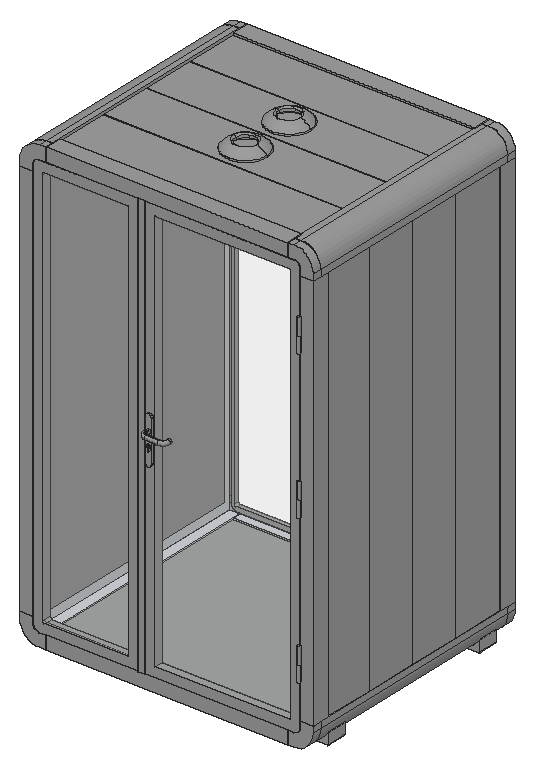
Revit family "Inbox Booths_Medium Booth", category Furniture, Revit 2024 (continued)
Automatic sketch dimensions
  Extrusion 59 sketch curve to Extrusion 59 sketch curve = 32 mm
  Extrusion 59 sketch curve to Extrusion 59 sketch curve = 31 mm  (x2)
  Extrusion 59 sketch curve to Extrusion 59 sketch curve = 33 mm
  Extrusion 60 sketch curve to Extrusion 60 sketch curve = 67 mm
  Extrusion 60 sketch curve to Extrusion 60 sketch curve = 32 mm
  Extrusion 60 sketch curve to Extrusion 60 sketch curve = 31 mm  (x2)
  Extrusion 60 sketch curve to Extrusion 60 sketch curve = 33 mm
  Extrusion 61 sketch curve to Extrusion 61 sketch curve = 67 mm
  Extrusion 61 sketch curve to Extrusion 61 sketch curve = 32 mm
  Extrusion 61 sketch curve to Extrusion 61 sketch curve = 30 mm
  Extrusion 62 sketch curve to Extrusion 62 sketch curve = 67 mm
  Extrusion 62 sketch curve to Extrusion 62 sketch curve = 32 mm
  Extrusion 62 sketch curve to Extrusion 62 sketch curve = 31 mm  (x2)
  Extrusion 62 sketch curve to Extrusion 62 sketch curve = 30 mm
  Extrusion 63 sketch curve to Extrusion 63 sketch curve = 276.5 mm
  Extrusion 63 sketch curve to Extrusion 63 sketch curve = 2040 mm
  Extrusion 64 sketch curve to Extrusion 64 sketch curve = 1240 mm
  Extrusion 64 sketch curve to Extrusion 64 sketch curve = 67 mm
  Extrusion 65 sketch curve to Extrusion 65 sketch curve = 90 mm  (x2)
  Extrusion 65 sketch curve to Extrusion 65 sketch curve = 1106 mm
  Extrusion 65 sketch curve to Extrusion 65 sketch curve = 0 mm  (x2)
  Extrusion 65 sketch curve to Extrusion 65 sketch curve = 2040 mm
  Extrusion 66 sketch curve to Extrusion 66 sketch curve = 67 mm
  Extrusion 66 sketch curve to Extrusion 66 sketch curve = 32 mm
  Extrusion 66 sketch curve to Extrusion 66 sketch curve = 30 mm
  Extrusion 67 sketch curve to Extrusion 67 sketch curve = 67 mm
  Extrusion 67 sketch curve to Extrusion 67 sketch curve = 32 mm
  Extrusion 67 sketch curve to Extrusion 67 sketch curve = 30 mm
  Extrusion 68 sketch curve to Extrusion 68 sketch curve = 67 mm
  Extrusion 68 sketch curve to Extrusion 68 sketch curve = 32 mm
  Extrusion 68 sketch curve to Extrusion 68 sketch curve = 33 mm
  Extrusion 69 sketch curve to Extrusion 69 sketch curve = 67 mm
  Extrusion 69 sketch curve to Extrusion 69 sketch curve = 32 mm
  Extrusion 69 sketch curve to Extrusion 69 sketch curve = 30 mm
  Extrusion 70 sketch curve to Extrusion 70 sketch curve = 67 mm
  Extrusion 70 sketch curve to Extrusion 70 sketch curve = 32 mm
  Extrusion 70 sketch curve to Extrusion 70 sketch curve = 33 mm
  Extrusion 71 sketch curve to Extrusion 71 sketch curve = 1196 mm
  Extrusion 71 sketch curve to Extrusion 71 sketch curve = 2146 mm
  Extrusion 72 sketch curve to Extrusion 72 sketch curve = 67 mm
  Extrusion 72 sketch curve to Extrusion 72 sketch curve = 32 mm
  Extrusion 72 sketch curve to Extrusion 72 sketch curve = 33 mm
  Extrusion 73 sketch curve to Extrusion 73 sketch curve = 67 mm
  Extrusion 73 sketch curve to Extrusion 73 sketch curve = 32 mm
  Extrusion 73 sketch curve to Extrusion 73 sketch curve = 33 mm
  Extrusion 74 sketch curve to Extrusion 74 sketch curve = 67 mm
  Extrusion 74 sketch curve to Extrusion 74 sketch curve = 32 mm
  Extrusion 74 sketch curve to Extrusion 74 sketch curve = 30 mm
  Extrusion 75 sketch curve to Extrusion 75 sketch curve = 276.5 mm
  Extrusion 75 sketch curve to Extrusion 75 sketch curve = 2040 mm
  Extrusion 76 sketch curve to Extrusion 76 sketch curve = 276.5 mm
  Extrusion 76 sketch curve to Extrusion 76 sketch curve = 2040 mm
  Extrusion 77 sketch curve to Extrusion 77 sketch curve = 276.5 mm
  Extrusion 77 sketch curve to Extrusion 77 sketch curve = 2040 mm
  Extrusion 78 sketch curve to Extrusion 78 sketch curve = 1240 mm
  Extrusion 78 sketch curve to Extrusion 78 sketch curve = 57 mm
  Extrusion 79 sketch curve to Extrusion 79 sketch curve = 1240 mm
  Extrusion 79 sketch curve to Extrusion 79 sketch curve = 57 mm
  Extrusion 80 sketch curve to Extrusion 80 sketch curve = 1240 mm
  Extrusion 80 sketch curve to Extrusion 80 sketch curve = 57 mm
  Extrusion 81 sketch curve to Extrusion 81 sketch curve = 276.5 mm
  Extrusion 81 sketch curve to Extrusion 81 sketch curve = 2040 mm
  Extrusion 82 sketch curve to Extrusion 82 sketch curve = 276.5 mm
  Extrusion 82 sketch curve to Extrusion 82 sketch curve = 2040 mm
  Extrusion 83 sketch curve to Extrusion 83 sketch curve = 276.5 mm
  Extrusion 83 sketch curve to Extrusion 83 sketch curve = 2040 mm
  Extrusion 84 sketch curve to Extrusion 84 sketch curve = 276.5 mm
  Extrusion 84 sketch curve to Extrusion 84 sketch curve = 2040 mm
  Extrusion 86 sketch curve to Extrusion 86 sketch curve = 1240 mm
  Extrusion 86 sketch curve to Extrusion 86 sketch curve = 67 mm
  Extrusion 87 sketch curve to Extrusion 87 sketch curve = 1240 mm
  Extrusion 87 sketch curve to Extrusion 87 sketch curve = 67 mm
  Extrusion 88 sketch curve to Extrusion 88 sketch curve = 2166 mm
  Extrusion 89 sketch curve to Extrusion 89 sketch curve = 1302 mm
  Extrusion 89 sketch curve to Extrusion 89 sketch curve = 20 mm
  Extrusion 90 sketch curve to Extrusion 90 sketch curve = 651 mm
  Extrusion 91 sketch curve to Extrusion 91 sketch curve = 12 mm  (x2)
  Extrusion 91 sketch curve to Extrusion 91 sketch curve = 2102 mm
  Extrusion 95 sketch curve to Extrusion 95 sketch curve = 4 mm  (x2)
  Extrusion 95 sketch curve to Extrusion 95 sketch curve = 36.232 mm
  Extrusion 95 sketch curve to Extrusion 95 sketch curve = 62.411 mm
  Extrusion 96 sketch curve to Extrusion 96 sketch curve = 4 mm  (x2)
  Extrusion 96 sketch curve to Extrusion 96 sketch curve = 36.232 mm
  Extrusion 96 sketch curve to Extrusion 96 sketch curve = 62.411 mm
  Extrusion 97 sketch curve to Extrusion 97 sketch curve = 4 mm  (x2)
  Extrusion 97 sketch curve to Extrusion 97 sketch curve = 62.411 mm
  Extrusion 98 sketch curve to Extrusion 98 sketch curve = 4 mm  (x2)
  Extrusion 98 sketch curve to Extrusion 98 sketch curve = 62.411 mm
  Sweep 99 sketch curve to profile plane = 0 mm
  profile plane to Sweep 99 sketch curve = 8.894 mm
  Sweep 99 sketch curve to profile plane = 12.021 mm
  Sweep 99 sketch curve to profile plane = 1.808 mm
  Sweep 99 sketch curve to profile plane = 13.991 mm
  Sweep 99 sketch curve to Sweep 99 sketch curve = 7.979 mm
  Sweep 99 sketch curve to Sweep 99 sketch curve = 11.956 mm
  Sweep 99 sketch curve to Sweep 99 sketch curve = 26.751 mm
  profile plane to Sweep 99 sketch curve = 0.653 mm
  Sweep 99 sketch curve to Sweep 99 sketch curve = 23.273 mm
  Sweep 99 sketch curve to Sweep 99 sketch curve = 5.949 mm
  Sweep 99 sketch curve to profile plane = 50.627 mm
  Sweep 99 sketch curve to Sweep 99 sketch curve = 10 mm
  Sweep 99 sketch curve to Sweep 99 sketch curve = 6.925 mm
  Sweep 100 sketch curve to profile plane = 0 mm
  profile plane to Sweep 100 sketch curve = 69.964 mm
  profile plane to Sweep 100 sketch curve = 0.653 mm
  Sweep 100 sketch curve to Sweep 100 sketch curve = 5.949 mm
  Sweep 100 sketch curve to Sweep 100 sketch curve = 23.273 mm
  profile plane to Sweep 100 sketch curve = 23.977 mm
  Sweep 100 sketch curve to Sweep 100 sketch curve = 3.977 mm
  Sweep 100 sketch curve to profile plane = 1.808 mm
  profile plane to Sweep 100 sketch curve = 13.991 mm
  Sweep 100 sketch curve to Sweep 100 sketch curve = 11.956 mm
  Sweep 100 sketch curve to profile plane = 8.894 mm
  Sweep 100 sketch curve to profile plane = 50.627 mm
  Sweep 100 sketch curve to Sweep 100 sketch curve = 10 mm
  Sweep 100 sketch curve to Sweep 100 sketch curve = 6.925 mm
  Extrusion 97 sketch curve to Extrusion 97 sketch curve = 36.232 mm
  Extrusion 98 sketch curve to Extrusion 98 sketch curve = 36.232 mm
  Extrusion 112 sketch curve to Extrusion 112 sketch curve = 694 mm
  Extrusion 112 sketch curve to Extrusion 112 sketch curve = 2066 mm
  Extrusion 102 sketch curve to Extrusion 102 sketch curve = 0 mm  (x4)
  Extrusion 102 sketch curve to Extrusion 102 sketch curve = 12.789 mm
  Extrusion 102 sketch curve to Extrusion 102 sketch curve = 7.211 mm
  Extrusion 103 sketch curve to Extrusion 103 sketch curve = 6.772 mm
  Extrusion 103 sketch curve to Extrusion 103 sketch curve = 0.008 mm
  Sweep 104 sketch curve to Sweep 104 sketch curve = 0.5 mm
  Sweep 104 sketch curve to Sweep 104 sketch curve = 34 mm  (x2)
  Sweep 104 sketch curve to Sweep 104 sketch curve = 10.004 mm
  profile plane to Sweep 104 sketch curve = 16.111 mm
  Sweep 104 sketch curve to profile plane = 9.363 mm
  Sweep 104 sketch curve to Sweep 104 sketch curve = 2.326 mm
  Sweep 104 sketch curve to Sweep 104 sketch curve = 2.327 mm
  profile plane to Sweep 104 sketch curve = 0.897 mm
  Sweep 104 sketch curve to Sweep 104 sketch curve = 2.189 mm
  Sweep 104 sketch curve to Sweep 104 sketch curve = 2.198 mm
  Sweep 104 sketch curve to Sweep 104 sketch curve = 2.484 mm
  Sweep 104 sketch curve to Sweep 104 sketch curve = 6.089 mm
  profile plane to Sweep 104 sketch curve = 9.487 mm
  Sweep 104 sketch curve to Sweep 104 sketch curve = 8.573 mm
  Sweep 104 sketch curve to Sweep 104 sketch curve = 3.513 mm
  profile plane to Sweep 104 sketch curve = 0.101 mm
  Sweep 104 sketch curve to Sweep 104 sketch curve = 0 mm  (x3)
  Extrusion 101 sketch curve to Extrusion 101 sketch curve = 15 mm
  Extrusion 101 sketch curve to Extrusion 101 sketch curve = 210 mm
  Extrusion 102 sketch curve to Extrusion 102 sketch curve = 4.5 mm  (x2)
  Extrusion 103 sketch curve to Extrusion 103 sketch curve = 0 mm
  Sweep 104 sketch curve to Sweep 104 sketch curve = 66.5 mm
  Sweep 104 sketch curve to Sweep 104 sketch curve = 19.991 mm
  Extrusion 114 sketch curve to Extrusion 114 sketch curve = 0 mm  (x4)
  Extrusion 114 sketch curve to Extrusion 114 sketch curve = 12.789 mm
  Extrusion 114 sketch curve to Extrusion 114 sketch curve = 7.211 mm
  Extrusion 115 sketch curve to Extrusion 115 sketch curve = 6.772 mm
  Extrusion 115 sketch curve to Extrusion 115 sketch curve = 0.008 mm
  Sweep 116 sketch curve to Sweep 116 sketch curve = 0.5 mm
  Sweep 116 sketch curve to Sweep 116 sketch curve = 34 mm  (x2)
  Sweep 116 sketch curve to Sweep 116 sketch curve = 10.004 mm
  profile plane to Sweep 116 sketch curve = 16.111 mm
  Sweep 116 sketch curve to profile plane = 9.363 mm
  Sweep 116 sketch curve to Sweep 116 sketch curve = 2.326 mm
  Sweep 116 sketch curve to Sweep 116 sketch curve = 2.327 mm
  profile plane to Sweep 116 sketch curve = 0.897 mm
  Sweep 116 sketch curve to Sweep 116 sketch curve = 2.189 mm
  Sweep 116 sketch curve to Sweep 116 sketch curve = 2.198 mm
  Sweep 116 sketch curve to Sweep 116 sketch curve = 2.484 mm
  Sweep 116 sketch curve to Sweep 116 sketch curve = 6.089 mm
  profile plane to Sweep 116 sketch curve = 9.487 mm
  Sweep 116 sketch curve to Sweep 116 sketch curve = 8.573 mm
  Sweep 116 sketch curve to Sweep 116 sketch curve = 3.513 mm
  profile plane to Sweep 116 sketch curve = 0.101 mm
  Sweep 116 sketch curve to Sweep 116 sketch curve = 0 mm  (x3)
  Extrusion 113 sketch curve to Extrusion 113 sketch curve = 15 mm
  Extrusion 113 sketch curve to Extrusion 113 sketch curve = 210 mm
  Extrusion 114 sketch curve to Extrusion 114 sketch curve = 4.5 mm  (x2)
  Extrusion 115 sketch curve to Extrusion 115 sketch curve = 0 mm
  Sweep 116 sketch curve to Sweep 116 sketch curve = 66.5 mm
  Sweep 116 sketch curve to Sweep 116 sketch curve = 19.991 mm
  Extrusion 111 sketch curve to Extrusion 111 sketch curve = 50 mm
  Extrusion 111 sketch curve to Extrusion 111 sketch curve = 694 mm
  Extrusion 111 sketch curve to Extrusion 111 sketch curve = 2066 mm
  Extrusion 126 sketch curve to Extrusion 126 sketch curve = 0 mm  (x4)
  Extrusion 126 sketch curve to Extrusion 126 sketch curve = 12.789 mm
  Extrusion 126 sketch curve to Extrusion 126 sketch curve = 7.211 mm
  Extrusion 127 sketch curve to Extrusion 127 sketch curve = 6.772 mm
  Extrusion 127 sketch curve to Extrusion 127 sketch curve = 0.008 mm
  Sweep 128 sketch curve to Sweep 128 sketch curve = 0.5 mm
  Sweep 128 sketch curve to Sweep 128 sketch curve = 34 mm  (x2)
  Sweep 128 sketch curve to Sweep 128 sketch curve = 10.004 mm
  profile plane to Sweep 128 sketch curve = 16.111 mm
  Sweep 128 sketch curve to profile plane = 9.363 mm
  Sweep 128 sketch curve to Sweep 128 sketch curve = 2.326 mm
  Sweep 128 sketch curve to Sweep 128 sketch curve = 2.327 mm
  profile plane to Sweep 128 sketch curve = 0.897 mm
  Sweep 128 sketch curve to Sweep 128 sketch curve = 2.189 mm
  Sweep 128 sketch curve to Sweep 128 sketch curve = 2.198 mm
  Sweep 128 sketch curve to Sweep 128 sketch curve = 2.484 mm
  Sweep 128 sketch curve to Sweep 128 sketch curve = 6.089 mm
  profile plane to Sweep 128 sketch curve = 9.487 mm
  Sweep 128 sketch curve to Sweep 128 sketch curve = 8.573 mm
  Sweep 128 sketch curve to Sweep 128 sketch curve = 3.513 mm
  profile plane to Sweep 128 sketch curve = 0.101 mm
  Sweep 128 sketch curve to Sweep 128 sketch curve = 0 mm  (x3)
  Extrusion 125 sketch curve to Extrusion 125 sketch curve = 15 mm
  Extrusion 125 sketch curve to Extrusion 125 sketch curve = 210 mm
  Extrusion 126 sketch curve to Extrusion 126 sketch curve = 4.5 mm  (x2)
  Extrusion 127 sketch curve to Extrusion 127 sketch curve = 0 mm
  Sweep 128 sketch curve to Sweep 128 sketch curve = 66.5 mm
  Sweep 128 sketch curve to Sweep 128 sketch curve = 19.991 mm
  Extrusion 123 sketch curve to Extrusion 123 sketch curve = 50 mm
  Extrusion 123 sketch curve to Extrusion 123 sketch curve = 694 mm
  Extrusion 123 sketch curve to Extrusion 123 sketch curve = 2066 mm
  Extrusion 124 sketch curve to Extrusion 124 sketch curve = 694 mm
  Extrusion 124 sketch curve to Extrusion 124 sketch curve = 2066 mm
  Extrusion 123 sketch curve to Extrusion 123 sketch curve = 18 mm  (x4)
  Extrusion 123 sketch curve to Extrusion 123 sketch curve = 32 mm
  Extrusion 111 sketch curve to Extrusion 111 sketch curve = 18 mm  (x4)
  Extrusion 111 sketch curve to Extrusion 111 sketch curve = 32 mm
  Extrusion 135 sketch curve to Extrusion 135 sketch curve = 0 mm  (x16)
  Extrusion 135 sketch curve to Extrusion 135 sketch curve = 5 mm  (x4)
  Extrusion 135 sketch curve to Extrusion 135 sketch curve = 230 mm  (x2)
  Extrusion 137 sketch curve to Extrusion 137 sketch curve = 0 mm  (x16)
  Extrusion 137 sketch curve to Extrusion 137 sketch curve = 5 mm  (x4)
  Extrusion 137 sketch curve to Extrusion 137 sketch curve = 230 mm  (x2)
  Extrusion 96 sketch curve to Extrusion 96 sketch curve = 90 mm
  Extrusion 96 sketch curve to Extrusion 96 sketch curve = 43.589 mm
  Extrusion 95 sketch curve to Extrusion 95 sketch curve = 90 mm
  Extrusion 95 sketch curve to Extrusion 95 sketch curve = 6 mm
  Extrusion 97 sketch curve to Extrusion 97 sketch curve = 90 mm
  Extrusion 97 sketch curve to Extrusion 97 sketch curve = 43.589 mm
  Extrusion 98 sketch curve to Extrusion 98 sketch curve = 90 mm
  Extrusion 98 sketch curve to Extrusion 98 sketch curve = 6 mm
  Extrusion 148 sketch curve to Extrusion 148 sketch curve = 0 mm  (x4)
  Extrusion 148 sketch curve to Extrusion 148 sketch curve = 12.789 mm
  Extrusion 148 sketch curve to Extrusion 148 sketch curve = 7.211 mm
  Extrusion 149 sketch curve to Extrusion 149 sketch curve = 6.772 mm
  Extrusion 149 sketch curve to Extrusion 149 sketch curve = 0.008 mm
  Sweep 150 sketch curve to Sweep 150 sketch curve = 0.5 mm
  Sweep 150 sketch curve to Sweep 150 sketch curve = 34 mm  (x2)
  Sweep 150 sketch curve to Sweep 150 sketch curve = 10.004 mm
  profile plane to Sweep 150 sketch curve = 16.111 mm
  Sweep 150 sketch curve to profile plane = 9.363 mm
  Sweep 150 sketch curve to Sweep 150 sketch curve = 2.326 mm
  Sweep 150 sketch curve to Sweep 150 sketch curve = 2.327 mm
  profile plane to Sweep 150 sketch curve = 0.897 mm
  Sweep 150 sketch curve to Sweep 150 sketch curve = 2.189 mm
  Sweep 150 sketch curve to Sweep 150 sketch curve = 2.198 mm
  Sweep 150 sketch curve to Sweep 150 sketch curve = 2.484 mm
  Sweep 150 sketch curve to Sweep 150 sketch curve = 6.089 mm
  profile plane to Sweep 150 sketch curve = 9.487 mm
  Sweep 150 sketch curve to Sweep 150 sketch curve = 8.573 mm
  Sweep 150 sketch curve to Sweep 150 sketch curve = 3.513 mm
  profile plane to Sweep 150 sketch curve = 0.101 mm
  Sweep 150 sketch curve to Sweep 150 sketch curve = 0 mm  (x3)
  Extrusion 147 sketch curve to Extrusion 147 sketch curve = 15 mm
  Extrusion 147 sketch curve to Extrusion 147 sketch curve = 210 mm
  Extrusion 148 sketch curve to Extrusion 148 sketch curve = 4.5 mm  (x2)
  Extrusion 149 sketch curve to Extrusion 149 sketch curve = 0 mm
  Sweep 150 sketch curve to Sweep 150 sketch curve = 66.5 mm
  Sweep 150 sketch curve to Sweep 150 sketch curve = 19.991 mm
  Extrusion 145 sketch curve to Extrusion 145 sketch curve = 50 mm
  Extrusion 145 sketch curve to Extrusion 145 sketch curve = 694 mm
  Extrusion 145 sketch curve to Extrusion 145 sketch curve = 2066 mm
  Extrusion 146 sketch curve to Extrusion 146 sketch curve = 694 mm
  Extrusion 146 sketch curve to Extrusion 146 sketch curve = 2066 mm
  Extrusion 145 sketch curve to Extrusion 145 sketch curve = 18 mm  (x4)
  Extrusion 145 sketch curve to Extrusion 145 sketch curve = 32 mm
  Extrusion 11 sketch curve to Extrusion 11 sketch curve = 1240 mm
  Extrusion 11 sketch curve to Extrusion 11 sketch curve = 1106 mm
  Extrusion 12 sketch curve to Extrusion 12 sketch curve = 1088 mm
  Extrusion 12 sketch curve to Extrusion 12 sketch curve = 1240 mm
  Extrusion 93 sketch curve to Extrusion 93 sketch curve = 1106 mm
  Extrusion 93 sketch curve to Extrusion 93 sketch curve = 2040 mm
  Extrusion 94 sketch curve to Extrusion 94 sketch curve = 1106 mm
  Extrusion 94 sketch curve to Extrusion 94 sketch curve = 2040 mm
  Extrusion 162 sketch curve to Extrusion 162 sketch curve = 63 mm  (x4)
  Extrusion 170 sketch curve to Extrusion 170 sketch curve = 50 mm
  Extrusion 171 sketch curve to Extrusion 171 sketch curve = 1 mm
  Extrusion 172 sketch curve to Extrusion 172 sketch curve = 1 mm
  Extrusion 173 sketch curve to Extrusion 173 sketch curve = 1 mm
  Extrusion 174 sketch curve to Extrusion 174 sketch curve = 1 mm
  Extrusion 178 sketch curve to Extrusion 178 sketch curve = 31 mm  (x2)
  Extrusion 178 sketch curve to Extrusion 178 sketch curve = 1 mm
  Extrusion 179 sketch curve to Extrusion 179 sketch curve = 31 mm  (x2)
  Extrusion 179 sketch curve to Extrusion 179 sketch curve = 1 mm
  Extrusion 180 sketch curve to Extrusion 180 sketch curve = 31 mm  (x2)
  Extrusion 180 sketch curve to Extrusion 180 sketch curve = 1 mm
  Extrusion 181 sketch curve to Extrusion 181 sketch curve = 31 mm  (x2)
  Extrusion 181 sketch curve to Extrusion 181 sketch curve = 1 mm
  Extrusion 182 sketch curve to Extrusion 182 sketch curve = 31 mm  (x2)
  Extrusion 182 sketch curve to Extrusion 182 sketch curve = 1 mm
  Extrusion 184 sketch curve to Extrusion 184 sketch curve = 1 mm
  Extrusion 185 sketch curve to Extrusion 185 sketch curve = 1 mm
  Extrusion 186 sketch curve to Extrusion 186 sketch curve = 31 mm  (x2)
  Extrusion 186 sketch curve to Extrusion 186 sketch curve = 1 mm
  Extrusion 201 sketch curve to Extrusion 201 sketch curve = 0 mm  (x11)
  Extrusion 163 sketch curve to Extrusion 163 sketch curve = 45 mm  (x2)
  Extrusion 200 sketch curve to Extrusion 200 sketch curve = 45 mm
  Extrusion 173 sketch curve to Extrusion 173 sketch curve = 31 mm  (x2)
  Extrusion 184 sketch curve to Extrusion 184 sketch curve = 31 mm  (x2)
  Extrusion 185 sketch curve to Extrusion 185 sketch curve = 31 mm  (x2)
  Extrusion 201 sketch curve to Extrusion 201 sketch curve = 12 mm  (x2)
  Extrusion 164 sketch curve to Extrusion 164 sketch curve = 63 mm
  Extrusion 157 sketch curve to Extrusion 157 sketch curve = 1240 mm
  Extrusion 157 sketch curve to Extrusion 157 sketch curve = 67 mm
  Extrusion 158 sketch curve to Extrusion 158 sketch curve = 1240 mm
  Extrusion 158 sketch curve to Extrusion 158 sketch curve = 67 mm
  Extrusion 159 sketch curve to Extrusion 159 sketch curve = 1240 mm
  Extrusion 159 sketch curve to Extrusion 159 sketch curve = 67 mm
  Extrusion 160 sketch curve to Extrusion 160 sketch curve = 90 mm  (x2)
  Extrusion 160 sketch curve to Extrusion 160 sketch curve = 1106 mm
  Extrusion 160 sketch curve to Extrusion 160 sketch curve = 0 mm  (x2)
  Extrusion 160 sketch curve to Extrusion 160 sketch curve = 2040 mm
  Extrusion 161 sketch curve to Extrusion 161 sketch curve = 1196 mm
  Extrusion 161 sketch curve to Extrusion 161 sketch curve = 2146 mm
  Extrusion 162 sketch curve to Extrusion 162 sketch curve = 1240 mm  (x2)
  Extrusion 162 sketch curve to Extrusion 162 sketch curve = 0 mm
  Extrusion 162 sketch curve to Extrusion 162 sketch curve = 10 mm  (x3)
  Extrusion 162 sketch curve to Extrusion 162 sketch curve = 2146 mm
  Extrusion 163 sketch curve to Extrusion 163 sketch curve = 0 mm  (x2)
  Extrusion 163 sketch curve to Extrusion 163 sketch curve = 1240 mm
  Extrusion 163 sketch curve to Extrusion 163 sketch curve = 1106 mm
  Extrusion 164 sketch curve to Extrusion 164 sketch curve = 0 mm  (x2)
  Extrusion 164 sketch curve to Extrusion 164 sketch curve = 1240 mm
  Extrusion 164 sketch curve to Extrusion 164 sketch curve = 1088 mm
  Extrusion 164 sketch curve to Extrusion 164 sketch curve = 65 mm
  Extrusion 165 sketch curve to Extrusion 165 sketch curve = 1240 mm
  Extrusion 165 sketch curve to Extrusion 165 sketch curve = 67 mm
  Extrusion 166 sketch curve to Extrusion 166 sketch curve = 1240 mm
  Extrusion 166 sketch curve to Extrusion 166 sketch curve = 67 mm
  Extrusion 169 sketch curve to Extrusion 169 sketch curve = 1240 mm
  Extrusion 169 sketch curve to Extrusion 169 sketch curve = 57 mm
  Extrusion 170 sketch curve to Extrusion 170 sketch curve = 18 mm  (x2)
  Extrusion 170 sketch curve to Extrusion 170 sketch curve = 11.954 mm
  Extrusion 170 sketch curve to Extrusion 170 sketch curve = 12 mm
  Extrusion 170 sketch curve to Extrusion 170 sketch curve = 1.046 mm  (x2)
  Extrusion 170 sketch curve to Extrusion 170 sketch curve = 426 mm
  Extrusion 170 sketch curve to Extrusion 170 sketch curve = 31 mm
  Extrusion 171 sketch curve to Extrusion 171 sketch curve = 67 mm
  Extrusion 171 sketch curve to Extrusion 171 sketch curve = 32 mm
  Extrusion 171 sketch curve to Extrusion 171 sketch curve = 31 mm  (x2)
  Extrusion 171 sketch curve to Extrusion 171 sketch curve = 33 mm
  Extrusion 172 sketch curve to Extrusion 172 sketch curve = 67 mm
  Extrusion 172 sketch curve to Extrusion 172 sketch curve = 32 mm
  Extrusion 172 sketch curve to Extrusion 172 sketch curve = 31 mm  (x2)
  Extrusion 172 sketch curve to Extrusion 172 sketch curve = 33 mm
  Extrusion 173 sketch curve to Extrusion 173 sketch curve = 67 mm
  Extrusion 173 sketch curve to Extrusion 173 sketch curve = 32 mm
  Extrusion 173 sketch curve to Extrusion 173 sketch curve = 30 mm
  Extrusion 174 sketch curve to Extrusion 174 sketch curve = 67 mm
  Extrusion 174 sketch curve to Extrusion 174 sketch curve = 32 mm
  Extrusion 174 sketch curve to Extrusion 174 sketch curve = 31 mm  (x2)
  Extrusion 174 sketch curve to Extrusion 174 sketch curve = 30 mm
  Extrusion 175 sketch curve to Extrusion 175 sketch curve = 276.5 mm
  Extrusion 175 sketch curve to Extrusion 175 sketch curve = 2040 mm
  Extrusion 176 sketch curve to Extrusion 176 sketch curve = 1240 mm
  Extrusion 176 sketch curve to Extrusion 176 sketch curve = 67 mm
  Extrusion 177 sketch curve to Extrusion 177 sketch curve = 90 mm  (x2)
  Extrusion 177 sketch curve to Extrusion 177 sketch curve = 1106 mm
  Extrusion 177 sketch curve to Extrusion 177 sketch curve = 0 mm  (x2)
  Extrusion 177 sketch curve to Extrusion 177 sketch curve = 2040 mm
  Extrusion 178 sketch curve to Extrusion 178 sketch curve = 67 mm
  Extrusion 178 sketch curve to Extrusion 178 sketch curve = 32 mm
  Extrusion 178 sketch curve to Extrusion 178 sketch curve = 30 mm
  Extrusion 179 sketch curve to Extrusion 179 sketch curve = 67 mm
  Extrusion 179 sketch curve to Extrusion 179 sketch curve = 32 mm
  Extrusion 179 sketch curve to Extrusion 179 sketch curve = 30 mm
  Extrusion 180 sketch curve to Extrusion 180 sketch curve = 67 mm
  Extrusion 180 sketch curve to Extrusion 180 sketch curve = 32 mm
  Extrusion 180 sketch curve to Extrusion 180 sketch curve = 33 mm
  Extrusion 181 sketch curve to Extrusion 181 sketch curve = 67 mm
  Extrusion 181 sketch curve to Extrusion 181 sketch curve = 32 mm
  Extrusion 181 sketch curve to Extrusion 181 sketch curve = 30 mm
  Extrusion 182 sketch curve to Extrusion 182 sketch curve = 67 mm
  Extrusion 182 sketch curve to Extrusion 182 sketch curve = 32 mm
  Extrusion 182 sketch curve to Extrusion 182 sketch curve = 33 mm
  Extrusion 183 sketch curve to Extrusion 183 sketch curve = 1196 mm
  Extrusion 183 sketch curve to Extrusion 183 sketch curve = 2146 mm
  Extrusion 184 sketch curve to Extrusion 184 sketch curve = 67 mm
  Extrusion 184 sketch curve to Extrusion 184 sketch curve = 32 mm
  Extrusion 184 sketch curve to Extrusion 184 sketch curve = 33 mm
  Extrusion 185 sketch curve to Extrusion 185 sketch curve = 67 mm
  Extrusion 185 sketch curve to Extrusion 185 sketch curve = 32 mm
  Extrusion 185 sketch curve to Extrusion 185 sketch curve = 33 mm
  Extrusion 186 sketch curve to Extrusion 186 sketch curve = 67 mm
  Extrusion 186 sketch curve to Extrusion 186 sketch curve = 32 mm
  Extrusion 186 sketch curve to Extrusion 186 sketch curve = 30 mm
  Extrusion 187 sketch curve to Extrusion 187 sketch curve = 276.5 mm
  Extrusion 187 sketch curve to Extrusion 187 sketch curve = 2040 mm
  Extrusion 188 sketch curve to Extrusion 188 sketch curve = 276.5 mm
  Extrusion 188 sketch curve to Extrusion 188 sketch curve = 2040 mm
  Extrusion 189 sketch curve to Extrusion 189 sketch curve = 276.5 mm
  Extrusion 189 sketch curve to Extrusion 189 sketch curve = 2040 mm
  Extrusion 190 sketch curve to Extrusion 190 sketch curve = 1240 mm
  Extrusion 190 sketch curve to Extrusion 190 sketch curve = 57 mm
  Extrusion 191 sketch curve to Extrusion 191 sketch curve = 1240 mm
  Extrusion 191 sketch curve to Extrusion 191 sketch curve = 57 mm
  Extrusion 192 sketch curve to Extrusion 192 sketch curve = 1240 mm
  Extrusion 192 sketch curve to Extrusion 192 sketch curve = 57 mm
  Extrusion 193 sketch curve to Extrusion 193 sketch curve = 276.5 mm
  Extrusion 193 sketch curve to Extrusion 193 sketch curve = 2040 mm
  Extrusion 194 sketch curve to Extrusion 194 sketch curve = 276.5 mm
  Extrusion 194 sketch curve to Extrusion 194 sketch curve = 2040 mm
  Extrusion 195 sketch curve to Extrusion 195 sketch curve = 276.5 mm
  Extrusion 195 sketch curve to Extrusion 195 sketch curve = 2040 mm
  Extrusion 196 sketch curve to Extrusion 196 sketch curve = 276.5 mm
  Extrusion 196 sketch curve to Extrusion 196 sketch curve = 2040 mm
  Extrusion 198 sketch curve to Extrusion 198 sketch curve = 1240 mm
  Extrusion 198 sketch curve to Extrusion 198 sketch curve = 67 mm
  Extrusion 199 sketch curve to Extrusion 199 sketch curve = 1240 mm
  Extrusion 199 sketch curve to Extrusion 199 sketch curve = 67 mm
  Extrusion 200 sketch curve to Extrusion 200 sketch curve = 2166 mm
  Extrusion 201 sketch curve to Extrusion 201 sketch curve = 1302 mm
  Extrusion 201 sketch curve to Extrusion 201 sketch curve = 20 mm
  Extrusion 202 sketch curve to Extrusion 202 sketch curve = 651 mm
  Extrusion 203 sketch curve to Extrusion 203 sketch curve = 12 mm  (x2)
  Extrusion 203 sketch curve to Extrusion 203 sketch curve = 2102 mm
  Extrusion 206 sketch curve to Extrusion 206 sketch curve = 4 mm  (x2)
  Extrusion 206 sketch curve to Extrusion 206 sketch curve = 36.232 mm
  Extrusion 206 sketch curve to Extrusion 206 sketch curve = 62.411 mm
  Extrusion 207 sketch curve to Extrusion 207 sketch curve = 4 mm  (x2)
  Extrusion 207 sketch curve to Extrusion 207 sketch curve = 36.232 mm
  Extrusion 207 sketch curve to Extrusion 207 sketch curve = 62.411 mm
  Extrusion 208 sketch curve to Extrusion 208 sketch curve = 4 mm  (x2)
  Extrusion 208 sketch curve to Extrusion 208 sketch curve = 62.411 mm
  Extrusion 209 sketch curve to Extrusion 209 sketch curve = 4 mm  (x2)
  Extrusion 209 sketch curve to Extrusion 209 sketch curve = 62.411 mm
  Sweep 210 sketch curve to profile plane = 0 mm
  profile plane to Sweep 210 sketch curve = 8.894 mm
  Sweep 210 sketch curve to profile plane = 12.021 mm
  Sweep 210 sketch curve to profile plane = 1.808 mm
  Sweep 210 sketch curve to profile plane = 13.991 mm
  Sweep 210 sketch curve to Sweep 210 sketch curve = 7.979 mm
  Sweep 210 sketch curve to Sweep 210 sketch curve = 11.956 mm
  Sweep 210 sketch curve to Sweep 210 sketch curve = 26.751 mm
  profile plane to Sweep 210 sketch curve = 0.653 mm
  Sweep 210 sketch curve to Sweep 210 sketch curve = 23.273 mm
  Sweep 210 sketch curve to Sweep 210 sketch curve = 5.949 mm
  Sweep 210 sketch curve to profile plane = 50.627 mm
  Sweep 210 sketch curve to Sweep 210 sketch curve = 10 mm
  Sweep 210 sketch curve to Sweep 210 sketch curve = 6.925 mm
  Sweep 211 sketch curve to profile plane = 0 mm
  profile plane to Sweep 211 sketch curve = 69.964 mm
  profile plane to Sweep 211 sketch curve = 0.653 mm
  Sweep 211 sketch curve to Sweep 211 sketch curve = 5.949 mm
  Sweep 211 sketch curve to Sweep 211 sketch curve = 23.273 mm
  profile plane to Sweep 211 sketch curve = 23.977 mm
  Sweep 211 sketch curve to Sweep 211 sketch curve = 3.977 mm
  Sweep 211 sketch curve to profile plane = 1.808 mm
  profile plane to Sweep 211 sketch curve = 13.991 mm
  Sweep 211 sketch curve to Sweep 211 sketch curve = 11.956 mm
  Sweep 211 sketch curve to profile plane = 8.894 mm
  Sweep 211 sketch curve to profile plane = 50.627 mm
  Sweep 211 sketch curve to Sweep 211 sketch curve = 10 mm
  Sweep 211 sketch curve to Sweep 211 sketch curve = 6.925 mm
  Extrusion 208 sketch curve to Extrusion 208 sketch curve = 36.232 mm
  Extrusion 209 sketch curve to Extrusion 209 sketch curve = 36.232 mm
  Extrusion 215 sketch curve to Extrusion 215 sketch curve = 0 mm  (x4)
  Extrusion 215 sketch curve to Extrusion 215 sketch curve = 12.789 mm
  Extrusion 215 sketch curve to Extrusion 215 sketch curve = 7.211 mm
  Extrusion 216 sketch curve to Extrusion 216 sketch curve = 6.772 mm
  Extrusion 216 sketch curve to Extrusion 216 sketch curve = 0.008 mm
  Sweep 217 sketch curve to Sweep 217 sketch curve = 0.5 mm
  Sweep 217 sketch curve to Sweep 217 sketch curve = 34 mm  (x2)
  Sweep 217 sketch curve to Sweep 217 sketch curve = 10.004 mm
  profile plane to Sweep 217 sketch curve = 16.111 mm
  Sweep 217 sketch curve to profile plane = 9.363 mm
  Sweep 217 sketch curve to Sweep 217 sketch curve = 2.326 mm
  Sweep 217 sketch curve to Sweep 217 sketch curve = 2.327 mm
  profile plane to Sweep 217 sketch curve = 0.897 mm
  Sweep 217 sketch curve to Sweep 217 sketch curve = 2.189 mm
  Sweep 217 sketch curve to Sweep 217 sketch curve = 2.198 mm
  Sweep 217 sketch curve to Sweep 217 sketch curve = 2.484 mm
  Sweep 217 sketch curve to Sweep 217 sketch curve = 6.089 mm
  profile plane to Sweep 217 sketch curve = 9.487 mm
  Sweep 217 sketch curve to Sweep 217 sketch curve = 8.573 mm
  Sweep 217 sketch curve to Sweep 217 sketch curve = 3.513 mm
  profile plane to Sweep 217 sketch curve = 0.101 mm
  Sweep 217 sketch curve to Sweep 217 sketch curve = 0 mm  (x3)
  Extrusion 214 sketch curve to Extrusion 214 sketch curve = 15 mm
  Extrusion 214 sketch curve to Extrusion 214 sketch curve = 210 mm
  Extrusion 215 sketch curve to Extrusion 215 sketch curve = 4.5 mm  (x2)
  Extrusion 216 sketch curve to Extrusion 216 sketch curve = 0 mm
  Sweep 217 sketch curve to Sweep 217 sketch curve = 66.5 mm
  Sweep 217 sketch curve to Sweep 217 sketch curve = 19.991 mm
  Extrusion 212 sketch curve to Extrusion 212 sketch curve = 50 mm
  Extrusion 212 sketch curve to Extrusion 212 sketch curve = 694 mm
  Extrusion 212 sketch curve to Extrusion 212 sketch curve = 2066 mm
  Extrusion 213 sketch curve to Extrusion 213 sketch curve = 694 mm
  Extrusion 213 sketch curve to Extrusion 213 sketch curve = 2066 mm
  Extrusion 212 sketch curve to Extrusion 212 sketch curve = 18 mm  (x4)
  Extrusion 212 sketch curve to Extrusion 212 sketch curve = 32 mm
  Extrusion 224 sketch curve to Extrusion 224 sketch curve = 0 mm  (x16)
  Extrusion 224 sketch curve to Extrusion 224 sketch curve = 5 mm  (x4)
  Extrusion 224 sketch curve to Extrusion 224 sketch curve = 230 mm  (x2)
  Extrusion 207 sketch curve to Extrusion 207 sketch curve = 90 mm
  Extrusion 207 sketch curve to Extrusion 207 sketch curve = 43.589 mm
  Extrusion 206 sketch curve to Extrusion 206 sketch curve = 90 mm
  Extrusion 206 sketch curve to Extrusion 206 sketch curve = 6 mm
  Extrusion 208 sketch curve to Extrusion 208 sketch curve = 90 mm
  Extrusion 208 sketch curve to Extrusion 208 sketch curve = 43.589 mm
  Extrusion 209 sketch curve to Extrusion 209 sketch curve = 90 mm
  Extrusion 209 sketch curve to Extrusion 209 sketch curve = 6 mm
  Extrusion 167 sketch curve to Extrusion 167 sketch curve = 1240 mm
  Extrusion 167 sketch curve to Extrusion 167 sketch curve = 1106 mm
  Extrusion 168 sketch curve to Extrusion 168 sketch curve = 1088 mm
  Extrusion 168 sketch curve to Extrusion 168 sketch curve = 1240 mm
  Extrusion 204 sketch curve to Extrusion 204 sketch curve = 1106 mm
  Extrusion 204 sketch curve to Extrusion 204 sketch curve = 2040 mm
  Extrusion 205 sketch curve to Extrusion 205 sketch curve = 1106 mm
  Extrusion 205 sketch curve to Extrusion 205 sketch curve = 2040 mm
  plane 1 "Front" to curve 1 = 0 mm
  plane 1 "Front" to curve 5 = 0 mm
  plane 1 "Front" to curve 4 = 0 mm
  plane 1 "Front" to curve 2 = 0 mm
  plane 5 to curve 1 = 40 mm
  curve 5 to plane 9 = 67 mm
  plane 9 to curve 2 = 40 mm
  curve 2 to plane 3 "Center L/S" = 40 mm
  curve 5 to plane 10 = 117 mm
  radius of Sweep 99 sketch curve = 40 mm
  radius of Sweep 100 sketch curve = 40 mm
  radius of Extrusion 102 sketch curve = 6.846 mm
  radius of Extrusion 114 sketch curve = 6.846 mm
  radius of Extrusion 117 sketch curve = 8 mm
  radius of Extrusion 118 sketch curve = 8 mm
  radius of Extrusion 119 sketch curve = 8 mm
  radius of Extrusion 120 sketch curve = 8 mm
  radius of Extrusion 121 sketch curve = 8 mm
  radius of Extrusion 122 sketch curve = 8 mm
  radius of Extrusion 126 sketch curve = 6.846 mm
  radius of Extrusion 129 sketch curve = 8 mm
  radius of Extrusion 130 sketch curve = 8 mm
  radius of Extrusion 131 sketch curve = 8 mm
  radius of Extrusion 132 sketch curve = 8 mm
  radius of Extrusion 133 sketch curve = 8 mm
  radius of Extrusion 134 sketch curve = 8 mm
  radius of Extrusion 148 sketch curve = 6.846 mm
  radius of Extrusion 151 sketch curve = 8 mm
  radius of Extrusion 152 sketch curve = 8 mm
  radius of Extrusion 153 sketch curve = 8 mm
  radius of Extrusion 154 sketch curve = 8 mm
  radius of Extrusion 155 sketch curve = 8 mm
  radius of Extrusion 156 sketch curve = 8 mm
  radius of Sweep 210 sketch curve = 40 mm
  radius of Sweep 211 sketch curve = 40 mm
  radius of Extrusion 215 sketch curve = 6.846 mm
  radius of Extrusion 218 sketch curve = 8 mm
  radius of Extrusion 219 sketch curve = 8 mm
  radius of Extrusion 220 sketch curve = 8 mm
  radius of Extrusion 221 sketch curve = 8 mm
  radius of Extrusion 222 sketch curve = 8 mm
  radius of Extrusion 223 sketch curve = 8 mm
